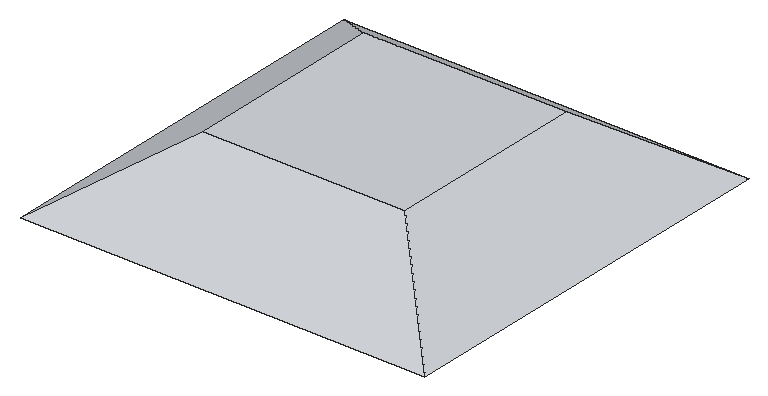
Revit family "M_Return Diffuser", category Air Terminals, Revit 2023
Family settings
  Round Connector Dimension = Use Diameter
  Part Type = Normal
  OmniClass Number = 23.75.70.21.27.11
  OmniClass Title = Diffusers, Registers, and Grilles
  Work Plane-Based = No
  Always vertical = Yes
  Cut with Voids When Loaded = No
  Shared = No
  Room Calculation Point = No
Parameters (values of type "600 x 600 Face 300 x 300 Connection")
  Width 1 = Diffuser Width * 0.65  # 390 mm
  Duct Width = 300 mm
  Duct Height = Duct Width  # 300 mm
  Diffuser Width = 600 mm
  UpArrow [instance] = yes
  Pressure Drop [instance] = 14.0 Pa
  RightArrow [instance] = yes
  LeftArrow [instance] = yes
  Flow [instance] = 235.0 L/s
  DownArrow [instance] = yes
  Diffuser Height = Diffuser Width  # 600 mm
  Default Elevation = 0 mm
  Assembly Code = ""
Reference planes
  plane 1 "Center (Front/Back)": y = 0
  plane 2: z = 0
  plane 3 "Center (Left/Right)": x = 0
Forms (mm)
  Blend 1, solid
    base sketch origin (0, 0, 0) x (1, 0, 0) y (0, 1, 0)
      loop
        line (-300, 300) -> (-300, -300) -> (300, -300) -> (300, 300) -> (-300, 300)
    top sketch origin (0, 0, 0) x (1, 0, 0) y (0, 1, 0)
      loop
        line (-150, 150) -> (-150, -150) -> (150, -150) -> (150, 150) -> (-150, 150)
    from 0 to 101.6
Lines and regions (mm)
  symbolic lines, style "DuctTerminal"
    curve 1: line (-300, -300, 0) -> (300, 300, 0)
    curve 2: line (-300, 300, 0) -> (300, 300, 0)
    curve 3: line (300, 300, 0) -> (300, -300, 0)
    curve 4: line (300, -300, 0) -> (-300, -300, 0)
    curve 5: line (-300, 300, 0) -> (-300, -300, 0)
Dimensions and locks
  equal spacing: Blend 1 sketch curve, plane 3 "Center (Left/Right)", Blend 1 sketch curve  (x2)
  "Diffuser Width": Blend 1 sketch curve to Blend 1 sketch curve
  equal spacing: Blend 1 sketch curve, plane 1 "Center (Front/Back)", Blend 1 sketch curve  (x2)
  "Diffuser Height": Blend 1 sketch curve to Blend 1 sketch curve
  "Duct Width": Blend 1 sketch curve to Blend 1 sketch curve
  "Duct Height": Blend 1 sketch curve to Blend 1 sketch curve
  "Width 1": nested 1 to plane 3 "Center (Left/Right)"
  "Width 1": plane 1 "Center (Front/Back)" to nested 2
  "Width 1": plane 1 "Center (Front/Back)" to nested 4
  "Width 1": plane 3 "Center (Left/Right)" to nested 3
  aligned and locked: Blend 1 to curve 1
  aligned and locked: curve 5 to Blend 1
  aligned and locked: plane 1 "Center (Front/Back)" to nested 1
  aligned and locked: plane 3 "Center (Left/Right)" to nested 2
  aligned and locked: nested 3 to plane 1 "Center (Front/Back)"
  aligned and locked: nested 4 to plane 3 "Center (Left/Right)"
  aligned and locked: curve 2 to Blend 1
  aligned and locked: curve 3 to Blend 1
Nested families
  nested 1: "M_Duct Terminal Arrow" at (-390, 0, 0), visible <- "LeftArrow", type "Duct Terminal Arrow"
  nested 2: "M_Duct Terminal Arrow" at (0, -390, 0) x (0, 1, 0) z (0, 0, 1), visible <- "DownArrow", type "Duct Terminal Arrow"
  nested 3: "M_Duct Terminal Arrow" at (390, 0, 0) x (-1, 0, 0) z (0, 0, 1), visible <- "RightArrow", type "Duct Terminal Arrow"
  nested 4: "M_Duct Terminal Arrow" at (0, 390, 0) x (0, -1, 0) z (0, 0, 1), visible <- "UpArrow", type "Duct Terminal Arrow"
Connectors
  hvac at (0, 0, 101.6), driven by "Duct Width", driven by "Duct Width", driven by "Flow", driven by "Pressure Drop"
    settings: on Blend 1, index 0, duct flow 235.0 L/s, flow factor 0, pres drop 14.0 Pa, loss coef 0, conn angle 0.00°, conn width 300 mm, conn height 300 mm, conn diameter 609.6 mm, duct sys type 2, conn prof type 1, flow config 1, flow direction 2, loss method 4, conn ref index -1, conn util no, is conn primary yes, conn desc ""
Definition of nested family "M_Duct Terminal Arrow"
  Parameters
    Width = (Length / 2) / cos(15.00°)  # 25.882 mm
    Length = 50 mm
  Reference planes
    plane 1 "Center (Front/Back)": y = 0
    plane 2: z = 0
    plane 3 "Center (Left/Right)": x = 0
  Lines and regions (mm)
    Filled region 1, type "Concrete Block", in view "Ref. Level"
      outline origin (-50.8, 0, 0) x (1, 0, 0) y (0, 1, 0)
        loop
          line (25.8, 6.699) -> (25.8, -6.699) -> (50.8, 0) -> (25.8, 6.699)
    detail lines, in view "Ref. Level"
      curve 1: line (-50, 0, 0) -> (0, 0, 0)
      curve 2: line (0, 0, 0) -> (-25, 6.699, 0)
      curve 3: line (0, 0, 0) -> (-25, -6.699, 0)
      curve 4: line (-25, 6.699, 0) -> (-25, -6.699, 0)
  Dimensions and locks
    "Length": curve 1 to curve 1
    "Width": curve 2 to curve 2
    "Width": curve 3 to curve 3
    locked: curve 2 to curve 1 (angle 15.00°)
    locked: curve 1 to curve 3 (angle 15.00°)
    aligned and locked: plane 1 "Center (Front/Back)" to curve 1
    aligned and locked: Filled region 1 sketch curve to curve 4
    aligned and locked: Filled region 1 sketch curve to curve 2
    aligned and locked: Filled region 1 sketch curve to curve 3
    aligned and locked: plane 3 "Center (Left/Right)" to curve 1
